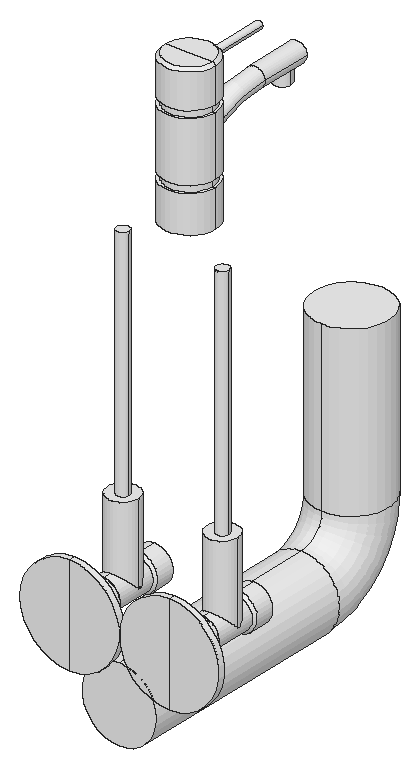
Revit family
Parameters (values of type "Default")
  VVS Number = "623076000"
  URL = "www.maxsibbern.dk"
  Supply Pipe Radius = 5 mm
  Sink Material = Ifö_Porcelain
  Return Pipe Radius = 30 mm
  Reseller = "Max Sibbern A/S"
  Pipes Visible = yes
  Pipe & Fittings = Ifö_Chrome
  Model = "Ifö Sink"
  Manufacturer = "Ifö"
  Ifö Number = "85032"
  Fixture Visible = yes
  Fixture = Ifö_Chrome
  Elevation Top = 870 mm
  Connectors Vertical Placement = 590 mm
  Connector_Out V distance = 50 mm
  Connector_In V distance = 0 mm
  Connector_In H distance = 40 mm
  CE Labeling = "yes"
  Assembly Code = "D2010"
Reference planes
  plane 1 "Wall": y = 0
  plane 2 "Center (Left/Right)": x = 125
  plane 3 "Back": y = 50
  plane 4: z = 590
  plane 5 "Connectors": y = 50
  plane 6 "IN V": z = 590
  plane 7 "Out V": z = 540
  plane 8: x = 85
  plane 9: x = 165
  plane 10: y = 60
  plane 11 "Recomended Floor Placement": z = 0
  plane 12: z = 870
  plane 13: z = 845
  plane 14: z = 725
  plane 15: y = 283.444
  plane 16: z = 850
  plane 17: y = 103.444
  plane 18: z = 850
  plane 19: z = 590
  plane 20: z = 859.156
  plane 21: z = 859.576
Forms (mm)
  Extrusion 1, solid, material "Ifö_Chrome" <- "Pipe & Fittings", visible <- "Pipes Visible"
    sketch origin (560.534, 225, 590) x (1, 0, 0) y (0, 1, 0)
      loop
        circle (-395.534, -121.556) r 12.5
    from 0 to 65
  Extrusion 2, solid, material "Ifö_Chrome" <- "Pipe & Fittings", visible <- "Pipes Visible"
    sketch origin (560.534, 225, 655) x (1, 0, 0) y (0, 1, 0)
      loop
        circle (-395.534, -121.556) r 5
    from 0 to 190
  Extrusion 3, solid, material "Ifö_Chrome" <- "Pipe & Fittings", visible <- "Pipes Visible"
    sketch origin (560.534, 225, 590) x (1, 0, 0) y (0, 1, 0)
      loop
        circle (-475.534, -121.556) r 12.5
    from 0 to 65
  Extrusion 4, solid, material "Ifö_Chrome" <- "Pipe & Fittings", visible <- "Pipes Visible"
    sketch origin (560.534, 225, 655) x (1, 0, 0) y (0, 1, 0)
      loop
        circle (-475.534, -121.556) r 5
    from 0 to 190
  Sweep 5, solid, material "Ifö_Chrome" <- "Pipe & Fittings", visible <- "Pipes Visible"
    path origin (125, 0, 0) x (0, 1, 0) y (0, 0, 1)
      loop
        line (283.444, 725) -> (283.444, 590)
        arc (283.444, 590) -> (268.8, 554.645) -> (233.444, 540) r 50
        line (233.444, 540) -> (50, 540)
    profile origin (125, 141.722, 540) x (0, 0, -1) y (1, 0, 0)
      loop
        circle (0, 0) r 30
  Revolve 6, solid, material "Ifö_Chrome" <- "Pipe & Fittings", visible <- "Pipes Visible"
    sketch origin (85, 225, 546.792) x (0, 0, 1) y (0, 1, 0)
      loop
        line (43.208, -175) -> (43.208, -86.556) -> (37.802, -86.556) -> (28.405, -89.976) -> (28.405, -104.976) -> (30.678, -107.249) -> (30.678, -141.189) -> (28.405, -143.463) -> (28.405, -160.829) -> (3.208, -170) -> (3.208, -175) -> (43.208, -175)
      axis (43.208, -175) -> (43.208, -86.556)
    angle from 0 to 360
  Revolve 7, solid, material "Ifö_Chrome" <- "Pipe & Fittings", visible <- "Pipes Visible"
    sketch origin (165, 225, 546.792) x (0, 0, 1) y (0, 1, 0)
      loop
        line (43.208, -175) -> (43.208, -86.556) -> (37.802, -86.556) -> (28.405, -89.976) -> (28.405, -104.976) -> (30.678, -107.249) -> (30.678, -141.189) -> (28.405, -143.463) -> (28.405, -160.829) -> (3.208, -170) -> (3.208, -175) -> (43.208, -175)
      axis (43.208, -175) -> (43.208, -86.556)
    angle from 0 to 360
Lines and regions (mm)
  Masking region 1, visible <- "Pipes Visible"
    outline origin (-1104.869, 50, 1200) x (-1, 0, 0) y (0, 0, -1)
      loop
        line (-1177.369, 545) -> (-1177.369, 572.003)
        arc (-1177.369, 572.003) -> (-1150.373, 616.33) -> (-1189.869, 650) r 40
        arc (-1189.869, 650) -> (-1229.365, 616.33) -> (-1202.369, 572.003) r 40
        line (-1202.369, 572.003) -> (-1202.369, 545) -> (-1194.869, 545) -> (-1194.869, 473.2) -> (-1184.869, 473.2) -> (-1184.869, 545) -> (-1177.369, 545)
  Masking region 2, visible <- "Pipes Visible"
    outline origin (125, 0, 0) x (0, 1, 0) y (0, 0, 1)
      loop
        line (253.444, 725) -> (253.444, 590)
        arc (253.444, 590) -> (247.586, 575.858) -> (233.444, 570) r 20
        line (233.444, 570) -> (50, 570) -> (50, 510) -> (233.444, 510)
        arc (233.444, 510) -> (290.013, 533.431) -> (313.444, 590) r 80
        line (313.444, 590) -> (313.444, 725) -> (253.444, 725)
  Masking region 3, not visible
    outline origin (1354.869, 75, 1200) x (1, 0, 0) y (0, 0, 1)
      loop
        line (-954.858, -339.156) -> (-1504.879, -339.156)
        arc (-1504.879, -339.156) -> (-1501.415, -394.892) -> (-1492.389, -450) r 557.093
        line (-1492.389, -450) -> (-1371.659, -450)
        arc (-1371.659, -450) -> (-1350.904, -465.983) -> (-1327.861, -478.443) r 163.305
        arc (-1327.861, -478.443) -> (-1304.799, -482.972) -> (-1281.326, -484.156) r 163.88
        line (-1281.326, -484.156) -> (-1178.411, -484.156)
        arc (-1178.411, -484.156) -> (-1154.939, -482.972) -> (-1131.876, -478.443) r 163.88
        arc (-1131.876, -478.443) -> (-1108.833, -465.983) -> (-1088.078, -450) r 163.305
        line (-1088.078, -450) -> (-967.349, -450)
        arc (-967.349, -450) -> (-958.322, -394.892) -> (-954.858, -339.156) r 557.093
  Masking region 4, not visible
    outline origin (125, 0, 0) x (0, 1, 0) y (0, 0, 1)
      loop
        line (100, 860) -> (100, 750.15) -> (204.168, 750.15)
        arc (204.168, 750.15) -> (214.741, 725.558) -> (239.518, 715.424) r 35.355
        line (239.518, 715.424) -> (382.767, 715.424)
        arc (382.767, 715.424) -> (415.166, 725.407) -> (438.342, 750.15) r 66.039
        line (438.342, 750.15) -> (521.354, 750.15)
        arc (521.354, 750.15) -> (528.647, 753.318) -> (532.198, 760.432) r 11.624
        arc (532.198, 760.432) -> (536.47, 802.108) -> (539.763, 843.872) r 1785.073
        arc (539.763, 843.872) -> (538.695, 854.814) -> (529, 860) r 11.655
        line (529, 860) -> (100, 860)
  Masking region 5, visible <- "Pipes Visible"
    outline origin (1354.869, 50, 1200) x (1, 0, 0) y (0, 0, 1)
      loop
        line (-1177.369, -545) -> (-1184.869, -545) -> (-1184.869, -473.2) -> (-1194.869, -473.2) -> (-1194.869, -545) -> (-1202.369, -545) -> (-1202.369, -572.003)
        arc (-1202.369, -572.003) -> (-1229.365, -616.33) -> (-1189.869, -650) r 40
        arc (-1189.869, -650) -> (-1150.373, -616.33) -> (-1177.369, -572.003) r 40
        line (-1177.369, -572.003) -> (-1177.369, -545)
  Masking region 6, visible <- "Pipes Visible"
    outline origin (125, 0, 0) x (0, 1, 0) y (0, 0, 1)
      loop
        line (138.444, 604.803) -> (115.944, 604.803) -> (115.944, 655) -> (108.444, 655) -> (108.444, 759.727) -> (98.444, 759.727) -> (98.444, 655) -> (90.944, 655) -> (90.944, 604.803) -> (50, 604.803) -> (50, 575.197) -> (138.444, 575.197) -> (138.444, 604.803)
  Masking region 7
    outline origin (0, -75, 0) x (1, 0, 0) y (0, 1, 0)
      loop
        arc (385.61, 125) -> (394.829, 128.819) -> (398.648, 138.038) r 13.038
        line (398.648, 138.038) -> (398.648, 485.412)
        arc (398.648, 485.412) -> (395.254, 515.327) -> (385.715, 543.882) r 144.011
        arc (385.715, 543.882) -> (356.745, 557.7) -> (325, 562.444) r 108.576
        line (325, 562.444) -> (-75, 562.444)
        arc (-75, 562.444) -> (-106.745, 557.7) -> (-135.715, 543.882) r 108.576
        arc (-135.715, 543.882) -> (-145.254, 515.327) -> (-148.648, 485.412) r 144.011
        line (-148.648, 485.412) -> (-148.648, 138.038)
        arc (-148.648, 138.038) -> (-144.829, 128.819) -> (-135.61, 125) r 13.038
        line (-135.61, 125) -> (385.61, 125)
  Masking region 8, not visible
    outline origin (0, 0, 0) x (1, 0, 0) y (0, 1, 0)
      loop
        arc (385.61, 125) -> (394.829, 128.819) -> (398.648, 138.038) r 13.038
        line (398.648, 138.038) -> (398.648, 485.412)
        arc (398.648, 485.412) -> (395.254, 515.327) -> (385.715, 543.882) r 144.011
        arc (385.715, 543.882) -> (356.745, 557.7) -> (325, 562.444) r 108.576
        line (325, 562.444) -> (-75, 562.444)
        arc (-75, 562.444) -> (-106.745, 557.7) -> (-135.715, 543.882) r 108.576
        arc (-135.715, 543.882) -> (-145.254, 515.327) -> (-148.648, 485.412) r 144.011
        line (-148.648, 485.412) -> (-148.648, 138.038)
        arc (-148.648, 138.038) -> (-144.829, 128.819) -> (-135.61, 125) r 13.038
        line (-135.61, 125) -> (385.61, 125)
  Masking region 9, visible <- "Pipes Visible"
    outline origin (1354.869, 50, 1200) x (1, 0, 0) y (0, 0, 1)
      loop
        line (-1199.869, -660) -> (-1199.869, -475) -> (-1259.869, -475) -> (-1259.869, -660)
        arc (-1259.869, -660) -> (-1229.869, -690) -> (-1199.869, -660) r 30
  Masking region 10
    outline origin (1354.869, 75, 1209.156) x (1, 0, 0) y (0, 0, 1)
      loop
        line (-954.858, -339.156) -> (-1504.879, -339.156)
        arc (-1504.879, -339.156) -> (-1501.415, -394.892) -> (-1492.389, -450) r 557.093
        line (-1492.389, -450) -> (-1371.659, -450)
        arc (-1371.659, -450) -> (-1350.904, -465.983) -> (-1327.861, -478.443) r 163.305
        arc (-1327.861, -478.443) -> (-1304.799, -482.972) -> (-1281.326, -484.156) r 163.88
        line (-1281.326, -484.156) -> (-1178.411, -484.156)
        arc (-1178.411, -484.156) -> (-1154.939, -482.972) -> (-1131.876, -478.443) r 163.88
        arc (-1131.876, -478.443) -> (-1108.833, -465.983) -> (-1088.078, -450) r 163.305
        line (-1088.078, -450) -> (-967.349, -450)
        arc (-967.349, -450) -> (-958.322, -394.892) -> (-954.858, -339.156) r 557.093
  Masking region 11
    outline origin (125, -50, 9.576) x (0, 1, 0) y (0, 0, 1)
      loop
        line (100, 860) -> (100, 750.15) -> (204.168, 750.15)
        arc (204.168, 750.15) -> (214.741, 725.558) -> (239.518, 715.424) r 35.355
        line (239.518, 715.424) -> (382.767, 715.424)
        arc (382.767, 715.424) -> (415.166, 725.407) -> (438.342, 750.15) r 66.039
        line (438.342, 750.15) -> (521.354, 750.15)
        arc (521.354, 750.15) -> (528.647, 753.318) -> (532.198, 760.432) r 11.624
        arc (532.198, 760.432) -> (536.47, 802.108) -> (539.763, 843.872) r 1785.073
        arc (539.763, 843.872) -> (538.695, 854.814) -> (529, 860) r 11.655
        line (529, 860) -> (100, 860)
  Masking region 12, visible <- "Fixture Visible"
    outline origin (125, 0, 0) x (0, 1, 0) y (0, 0, 1)
      loop
        line (141, 870) -> (141, 910.862)
        arc (141, 910.862) -> (156.244, 919.263) -> (172.91, 924.281) r 82.545
        line (172.91, 924.281) -> (228.455, 924.281) -> (228.455, 940.281) -> (186.727, 940.281)
        arc (186.727, 940.281) -> (163.105, 936.984) -> (141, 928.029) r 97.12
        line (141, 928.029) -> (141, 965.476) -> (190, 965.476) -> (190, 971.476) -> (141, 971.476) -> (141, 979.156) -> (99, 979.156) -> (99, 870) -> (141, 870)
  Masking region 13, visible <- "Fixture Visible"
    outline origin (-1775, 60, 1070) x (-1, 0, 0) y (0, 0, 1)
      loop
        line (-1921, -200) -> (-1879, -200) -> (-1879, -80) -> (-1921, -80) -> (-1921, -200)
  symbolic lines, visible <- "Pipes Visible"
    curve 1: line (177.5, 50, 627.997) -> (177.5, 50, 590)
    curve 2: line (152.5, 50, 627.997) -> (152.5, 50, 590)
    curve 3: arc (152.5, 50, 590) -> (165, 50, 577.5) -> (177.5, 50, 590) r 12.5
    curve 4: line (97.5, 50, 627.997) -> (97.5, 50, 590)
    curve 5: line (72.5, 50, 627.997) -> (72.5, 50, 590)
    curve 6: arc (72.5, 50, 590) -> (85, 50, 577.5) -> (97.5, 50, 590) r 12.5
  symbolic lines
    curve 7: line (-101.903, 165.858, 0) -> (351.903, 165.858, 0)
    curve 8: line (-116.045, 350.548, 0) -> (-116.045, 180, 0)
    curve 9: arc (-116.045, 180, 0) -> (-111.903, 170, 0) -> (-101.903, 165.858, 0) r 14.142
    curve 10: arc (-30, 454.625, 0) -> (-60.707, 452.747, 0) -> (-90.956, 447.141, 0) r 251.964
    curve 11: arc (-90.956, 447.141, 0) -> (-106.096, 433.126, 0) -> (-112.741, 413.594, 0) r 42.019
    curve 12: arc (-112.741, 413.594, 0) -> (-114.827, 382.094, 0) -> (-116.045, 350.548, 0) r 1147.027
    curve 13: line (366.045, 350.548, 0) -> (366.045, 180, 0)
    curve 14: arc (366.045, 180, 0) -> (361.903, 170, 0) -> (351.903, 165.858, 0) r 14.142
    curve 15: arc (280, 454.625, 0) -> (310.707, 452.747, 0) -> (340.956, 447.141, 0) r 251.964
    curve 16: arc (340.956, 447.141, 0) -> (356.096, 433.126, 0) -> (362.741, 413.594, 0) r 42.019
    curve 17: arc (362.741, 413.594, 0) -> (364.827, 382.094, 0) -> (366.045, 350.548, 0) r 1147.027
    curve 18: line (-30, 454.625, 0) -> (280, 454.625, 0)
    curve 32: circle (125, 283.444, 0) r 30 normal (0, 0, 1)
    curve 33: line (125, 388.342, 759.727) -> (125, 154.168, 759.727)
    curve 36: line (266.79, 60, 759.156) -> (-16.79, 60, 759.156)
  symbolic lines, not visible
    curve 19: line (-101.903, 240.858, 0) -> (351.903, 240.858, 0)
    curve 20: line (-116.045, 425.548, 0) -> (-116.045, 255, 0)
    curve 21: arc (-116.045, 255, 0) -> (-111.903, 245, 0) -> (-101.903, 240.858, 0) r 14.142
    curve 22: arc (-30, 529.625, 0) -> (-60.707, 527.747, 0) -> (-90.956, 522.141, 0) r 251.964
    curve 23: arc (-90.956, 522.141, 0) -> (-106.096, 508.126, 0) -> (-112.741, 488.594, 0) r 42.019
    curve 24: arc (-112.741, 488.594, 0) -> (-114.827, 457.094, 0) -> (-116.045, 425.548, 0) r 1147.027
    curve 25: line (366.045, 425.548, 0) -> (366.045, 255, 0)
    curve 26: arc (366.045, 255, 0) -> (361.903, 245, 0) -> (351.903, 240.858, 0) r 14.142
    curve 27: arc (280, 529.625, 0) -> (310.707, 527.747, 0) -> (340.956, 522.141, 0) r 251.964
    curve 28: arc (340.956, 522.141, 0) -> (356.096, 508.126, 0) -> (362.741, 488.594, 0) r 42.019
    curve 29: arc (362.741, 488.594, 0) -> (364.827, 457.094, 0) -> (366.045, 425.548, 0) r 1147.027
    curve 30: line (-30, 529.625, 0) -> (280, 529.625, 0)
    curve 31: line (125, 438.342, 750.15) -> (125, 204.168, 750.15)
    curve 35: line (266.79, 110, 759.156) -> (-16.79, 110, 759.156)
  symbolic lines, visible <- "Fixture Visible"
    curve 34: circle (125, 50, 930) r 15 normal (0, -1, 0)
Text (mm)
  text "Placement Side" at (-1848.837, 1116.779, 0), in view "Ref. Level"
  text "Placement side" at (0, 1409.804, 2854.306), in view "Left"
  text "Placement side" at (0, 499.811, 2980.732), in view "Right"
Dimensions and locks
  locked: plane 3 "Back" to host wall
  locked: plane 3 "Back" to plane 5 "Connectors"
  "Connector_In H distance": connector elem to plane 2 "Center (Left/Right)"
  "Connector_In H distance": plane 2 "Center (Left/Right)" to connector elem
  locked: plane 6 "IN V" to connector elem at 0
  locked: plane 6 "IN V" to connector elem
  locked: plane 7 "Out V" to connector elem
  "Connector_Out V distance": plane 7 "Out V" to plane 19
  "Connector_In H distance": plane 2 "Center (Left/Right)" to plane 8
  "Connector_In H distance": plane 9 to plane 2 "Center (Left/Right)"
  "Elevation Top": plane 12 to level
  locked: plane 12 to plane 13 at 25
  level to plane 12 = 870 mm
  locked: plane 14 to Masking region 1 sketch curve at 1.8
  locked: plane 17 to host wall at 53.444
  locked: nested 1 to host wall at 70
  locked: plane 15 to plane 17 at 180
  locked: plane 13 to plane 14 at 120
  "Connector_In V distance": plane 4 to plane 19
  locked: plane 4 to plane 6 "IN V" at 0
  "Connectors Vertical Placement": level to plane 19
  locked: plane 3 "Back" to plane 10 at 10
  "Return Pipe Radius": radius of Sweep 5 sketch curve
  "Supply Pipe Radius": radius of Extrusion 4 sketch curve
  "Supply Pipe Radius": radius of Extrusion 2 sketch curve
  aligned and locked: plane 1 "Wall" to host wall
  aligned and locked: plane 13 to Extrusion 2
  aligned and locked: Extrusion 4 to Extrusion 2
  aligned and locked: plane 7 "Out V" to Sweep 5 sketch curve
  aligned and locked: plane 5 "Connectors" to Sweep 5 sketch curve
  aligned and locked: plane 14 to Sweep 5 sketch curve
  aligned and locked: Sweep 5 to Masking region 2 sketch curve
  aligned and locked: curve 4 to Masking region 1  (x2)
  aligned and locked: curve 5 to Masking region 1
  aligned and locked: Masking region 1 to curve 5
  aligned and locked: plane 9 to Extrusion 2 sketch curve
  aligned and locked: plane 8 to Extrusion 4 sketch curve
  aligned and locked: plane 17 to Extrusion 3 sketch curve
  aligned and locked: plane 17 to Extrusion 4 sketch curve
  aligned and locked: plane 17 to Extrusion 1 sketch curve
  aligned and locked: plane 17 to Extrusion 2 sketch curve
  aligned and locked: host wall to Revolve 6
  aligned and locked: Masking region 1 sketch curve to Revolve 6
  aligned and locked: Masking region 5 sketch curve to Revolve 7
  aligned and locked: Masking region 6 sketch curve to Revolve 6
  aligned and locked: Masking region 6 sketch curve to Extrusion 3
  aligned and locked: host wall to Masking region 6 sketch curve
  aligned and locked: Masking region 7 to host wall
  aligned and locked: Masking region 9 sketch curve to Sweep 5
  aligned and locked: plane 14 to Masking region 9 sketch curve
  aligned and locked: host wall to Masking region 11
  aligned and locked: plane 14 to Masking region 11
  aligned and locked: plane 14 to Masking region 10
  aligned: nested 1 to plane 12
  aligned and locked: Masking region 13 to plane 12
  aligned and locked: host wall to Masking region 2 sketch curve
  aligned and locked: Sweep 5 sketch curve to plane 15
  aligned and locked: plane 20 to nested 1
  aligned and locked: Masking region 12 sketch curve to plane 12
  aligned and locked: Masking region 11 to Masking region 6 sketch curve
  aligned and locked: import instance to plane 2 "Center (Left/Right)"
  aligned and locked: import instance to plane 10
Automatic sketch dimensions
  Masking region 7 sketch curve to Masking region 7 sketch curve = 12.933 mm  (x2)
  Masking region 7 sketch curve to Masking region 7 sketch curve = 13.038 mm
  Masking region 7 sketch curve to Masking region 7 sketch curve = 60.715 mm  (x2)
  Masking region 7 sketch curve to Masking region 7 sketch curve = 70.358 mm  (x2)
  Masking region 7 sketch curve to Masking region 7 sketch curve = 259.284 mm
  Masking region 7 sketch curve to Masking region 7 sketch curve = 60.61 mm
  Masking region 7 sketch curve to Masking region 7 sketch curve = 315.831 mm  (x2)
  Masking region 7 sketch curve to Masking region 7 sketch curve = 30.356 mm  (x2)
  Masking region 7 sketch curve to Masking region 7 sketch curve = 31.544 mm
  curve 12 to curve 12 = 3.304 mm
  curve 11 to curve 12 = 0 mm
  curve 9 to curve 7 = 14.142 mm
  curve 11 to curve 11 = 21.786 mm
  curve 10 to curve 11 = 20.099 mm
  curve 11 to curve 18 = 40.856 mm
  curve 10 to curve 18 = 310 mm
  curve 18 to curve 16 = 40.856 mm
  curve 15 to curve 7 = 71.903 mm
  curve 16 to curve 16 = 20.099 mm
  curve 15 to curve 16 = 21.786 mm
  curve 17 to curve 16 = 0 mm
  curve 14 to curve 14 = 14.142 mm
  curve 13 to curve 12 = 664.583 mm
  curve 9 to curve 10 = 22.662 mm
  curve 7 to curve 15 = 36.804 mm
  curve 13 to curve 12 = 142.063 mm
  curve 8 to curve 17 = 142.063 mm
  curve 8 to curve 12 = 170.548 mm
  curve 14 to curve 13 = 170.548 mm
  Masking region 8 sketch curve to Masking region 8 sketch curve = 12.933 mm  (x2)
  Masking region 8 sketch curve to Masking region 8 sketch curve = 13.038 mm
  Masking region 8 sketch curve to Masking region 8 sketch curve = 60.715 mm  (x2)
  Masking region 8 sketch curve to Masking region 8 sketch curve = 70.358 mm  (x2)
  Masking region 8 sketch curve to Masking region 8 sketch curve = 259.284 mm
  Masking region 8 sketch curve to Masking region 8 sketch curve = 60.61 mm
  Masking region 8 sketch curve to Masking region 8 sketch curve = 315.831 mm  (x2)
  Masking region 8 sketch curve to Masking region 8 sketch curve = 30.356 mm  (x2)
  Masking region 8 sketch curve to Masking region 8 sketch curve = 31.544 mm
  curve 24 to curve 24 = 3.304 mm
  curve 23 to curve 24 = 0 mm
  curve 21 to curve 19 = 14.142 mm
  curve 23 to curve 23 = 21.786 mm
  curve 22 to curve 23 = 20.099 mm
  curve 23 to curve 30 = 40.856 mm
  curve 22 to curve 30 = 310 mm
  curve 30 to curve 28 = 40.856 mm
  curve 27 to curve 19 = 71.903 mm
  curve 28 to curve 28 = 20.099 mm
  curve 27 to curve 28 = 21.786 mm
  curve 29 to curve 28 = 0 mm
  curve 26 to curve 26 = 14.142 mm
  curve 25 to curve 24 = 664.583 mm
  curve 21 to curve 22 = 22.662 mm
  curve 19 to curve 27 = 36.804 mm
  curve 25 to curve 24 = 142.063 mm
  curve 20 to curve 29 = 142.063 mm
  curve 20 to curve 24 = 170.548 mm
  curve 26 to curve 25 = 170.548 mm
  plane 16 to Masking region 3 sketch curve = 17.492 mm
  Masking region 3 sketch curve to Masking region 3 sketch curve = 7.032 mm  (x2)
  Masking region 3 sketch curve to plane 16 = 100 mm
  Masking region 3 sketch curve to Masking region 3 sketch curve = 12.491 mm  (x2)
  Masking region 3 sketch curve to Masking region 3 sketch curve = 120.73 mm
  plane 16 to Masking region 3 sketch curve = 29.686 mm
  Masking region 3 sketch curve to Masking region 3 sketch curve = 22.865 mm  (x2)
  plane 16 to Masking region 3 sketch curve = 20.976 mm
  Masking region 3 sketch curve to Masking region 3 sketch curve = 64.186 mm
  Masking region 3 sketch curve to Masking region 3 sketch curve = 46.535 mm  (x2)
  Masking region 3 sketch curve to Masking region 3 sketch curve = 43.798 mm  (x2)
  plane 16 to Masking region 3 sketch curve = 10.844 mm
  Masking region 3 sketch curve to Masking region 3 sketch curve = 5.714 mm
  Masking region 3 sketch curve to Masking region 3 sketch curve = 86.832 mm
  Masking region 3 sketch curve to Masking region 3 sketch curve = 102.915 mm
  Masking region 3 sketch curve to Masking region 3 sketch curve = 28.443 mm
  Extrusion 1 sketch curve to plane 9 = 0 mm
  Extrusion 3 sketch curve to plane 8 = 0 mm
  Sweep 5 sketch curve to plane 2 "Center (Left/Right)" = 0 mm
  Sweep 5 sketch curve to profile plane = 0 mm
  Masking region 1 sketch curve to Masking region 1 sketch curve = 0 mm  (x2)
  Masking region 1 sketch curve to plane 8 = 5 mm
  Masking region 1 sketch curve to Masking region 1 sketch curve = 7.5 mm
  plane 8 to Masking region 1 sketch curve = 5 mm
  plane 8 to Masking region 1 sketch curve = 12.5 mm
  Masking region 1 sketch curve to Masking region 1 sketch curve = 27.003 mm
  Revolve 6 sketch curve to host wall = 0 mm  (x2)
  Revolve 6 sketch curve to plane 4 = 0 mm  (x2)
  Revolve 6 sketch curve to Revolve 6 sketch curve = 5.406 mm
  Revolve 6 sketch curve to plane 4 = 12.53 mm
  Revolve 6 sketch curve to Revolve 6 sketch curve = 2.273 mm  (x3)
  Revolve 6 sketch curve to Revolve 6 sketch curve = 9.397 mm
  host wall to Revolve 6 sketch curve = 5 mm
  Revolve 6 sketch curve to Revolve 6 sketch curve = 25.197 mm
  plane 10 to Revolve 6 sketch curve = 4.171 mm
  Revolve 6 sketch curve to Revolve 6 sketch curve = 17.366 mm
  plane 17 to Revolve 6 sketch curve = 14.306 mm
  Revolve 6 sketch curve to Revolve 6 sketch curve = 15 mm
  Revolve 6 sketch curve to Revolve 6 sketch curve = 3.42 mm
  Revolve 6 sketch curve to Revolve 6 sketch curve = 0 mm
  Masking region 5 sketch curve to Masking region 5 sketch curve = 0 mm  (x2)
  plane 14 to Masking region 5 sketch curve = 1.8 mm
  plane 9 to Masking region 5 sketch curve = 5 mm
  Masking region 5 sketch curve to Masking region 5 sketch curve = 7.5 mm
  Masking region 5 sketch curve to plane 9 = 5 mm
  Masking region 5 sketch curve to plane 9 = 12.5 mm
  Masking region 5 sketch curve to Masking region 5 sketch curve = 27.003 mm
  Revolve 7 sketch curve to host wall = 0 mm  (x2)
  Revolve 7 sketch curve to plane 4 = 0 mm  (x2)
  Revolve 7 sketch curve to Revolve 7 sketch curve = 5.406 mm
  Revolve 7 sketch curve to plane 4 = 12.53 mm
  Revolve 7 sketch curve to Revolve 7 sketch curve = 2.273 mm  (x3)
  Revolve 7 sketch curve to Revolve 7 sketch curve = 9.397 mm
  host wall to Revolve 7 sketch curve = 5 mm
  Revolve 7 sketch curve to Revolve 7 sketch curve = 25.197 mm
  plane 10 to Revolve 7 sketch curve = 4.171 mm
  Revolve 7 sketch curve to Revolve 7 sketch curve = 17.366 mm
  plane 17 to Revolve 7 sketch curve = 14.306 mm
  Revolve 7 sketch curve to Revolve 7 sketch curve = 15 mm
  Revolve 7 sketch curve to Revolve 7 sketch curve = 3.42 mm
  Revolve 7 sketch curve to Revolve 7 sketch curve = 0 mm
  Masking region 6 sketch curve to plane 17 = 12.5 mm
  Masking region 6 sketch curve to plane 17 = 5 mm
  plane 17 to Masking region 6 sketch curve = 5 mm
  plane 17 to Masking region 6 sketch curve = 12.5 mm
  Masking region 6 sketch curve to Masking region 6 sketch curve = 0 mm
  plane 4 to Masking region 6 sketch curve = 14.803 mm  (x2)
  Masking region 6 sketch curve to plane 4 = 14.803 mm
  Masking region 4 sketch curve to plane 18 = 113.276 mm
  Masking region 4 sketch curve to plane 18 = 10 mm
  Masking region 4 sketch curve to Masking region 4 sketch curve = 104.168 mm
  plane 18 to Masking region 4 sketch curve = 68.588 mm
  Masking region 4 sketch curve to Masking region 4 sketch curve = 140.652 mm
  Masking region 4 sketch curve to Masking region 4 sketch curve = 2.597 mm
  Masking region 4 sketch curve to Masking region 4 sketch curve = 82.308 mm
  Masking region 4 sketch curve to Masking region 4 sketch curve = 0.705 mm
  Masking region 4 sketch curve to Masking region 4 sketch curve = 8.351 mm
  Masking region 4 sketch curve to Masking region 4 sketch curve = 11.549 mm
  Masking region 4 sketch curve to Masking region 4 sketch curve = 0 mm
  plane 18 to Masking region 4 sketch curve = 6.128 mm
  Masking region 4 sketch curve to Masking region 4 sketch curve = 10.763 mm
  plane 18 to Masking region 4 sketch curve = 99.85 mm
  Masking region 4 sketch curve to Masking region 4 sketch curve = 55.574 mm
  Masking region 4 sketch curve to Masking region 4 sketch curve = 1341.313 mm
  Masking region 4 sketch curve to Masking region 4 sketch curve = 35.35 mm
  plane 18 to curve 31 = 99.85 mm
  curve 31 to curve 31 = 234.173 mm
  curve 2 to plane 4 = 0 mm
  curve 3 to plane 9 = 0 mm
  curve 6 to plane 4 = 0 mm
  plane 9 to curve 2 = 12.5 mm
  curve 3 to curve 2 = 37.997 mm
  curve 1 to curve 2 = 0 mm
  curve 32 to plane 2 "Center (Left/Right)" = 0 mm
  plane 15 to curve 32 = 0 mm
  plane 20 to Masking region 10 sketch curve = 17.492 mm
  Masking region 10 sketch curve to Masking region 10 sketch curve = 7.032 mm  (x2)
  Masking region 10 sketch curve to plane 20 = 100 mm
  Masking region 10 sketch curve to Masking region 10 sketch curve = 12.491 mm  (x2)
  Masking region 10 sketch curve to Masking region 10 sketch curve = 120.73 mm
  plane 20 to Masking region 10 sketch curve = 29.686 mm
  Masking region 10 sketch curve to Masking region 10 sketch curve = 22.865 mm  (x2)
  plane 20 to Masking region 10 sketch curve = 20.976 mm
  Masking region 10 sketch curve to Masking region 10 sketch curve = 64.186 mm
  Masking region 10 sketch curve to Masking region 10 sketch curve = 46.535 mm  (x2)
  Masking region 10 sketch curve to Masking region 10 sketch curve = 43.798 mm  (x2)
  plane 20 to Masking region 10 sketch curve = 10.844 mm
  Masking region 10 sketch curve to Masking region 10 sketch curve = 5.714 mm
  Masking region 10 sketch curve to Masking region 10 sketch curve = 86.832 mm
  Masking region 10 sketch curve to Masking region 10 sketch curve = 102.915 mm
  Masking region 10 sketch curve to Masking region 10 sketch curve = 28.443 mm
  Masking region 11 sketch curve to plane 21 = 113.276 mm
  Masking region 11 sketch curve to plane 21 = 10 mm
  Masking region 11 sketch curve to Masking region 11 sketch curve = 104.168 mm
  plane 21 to Masking region 11 sketch curve = 68.588 mm
  Masking region 11 sketch curve to Masking region 11 sketch curve = 140.652 mm
  Masking region 11 sketch curve to Masking region 11 sketch curve = 2.597 mm
  Masking region 11 sketch curve to Masking region 11 sketch curve = 82.308 mm
  Masking region 11 sketch curve to Masking region 11 sketch curve = 0.705 mm
  Masking region 11 sketch curve to Masking region 11 sketch curve = 8.351 mm
  Masking region 11 sketch curve to Masking region 11 sketch curve = 11.549 mm
  Masking region 11 sketch curve to Masking region 11 sketch curve = 0 mm
  plane 21 to Masking region 11 sketch curve = 6.128 mm
  Masking region 11 sketch curve to Masking region 11 sketch curve = 10.763 mm
  plane 21 to Masking region 11 sketch curve = 99.85 mm
  Masking region 11 sketch curve to Masking region 11 sketch curve = 55.574 mm
  Masking region 11 sketch curve to Masking region 11 sketch curve = 1341.313 mm
  Masking region 11 sketch curve to Masking region 11 sketch curve = 35.35 mm
  plane 21 to curve 33 = 99.85 mm
  curve 33 to curve 33 = 234.173 mm
  Masking region 12 sketch curve to plane 17 = 4.444 mm
  plane 17 to Masking region 12 sketch curve = 37.556 mm
  Masking region 12 sketch curve to Masking region 12 sketch curve = 0 mm  (x4)
  Masking region 12 sketch curve to Masking region 12 sketch curve = 45.727 mm
  plane 21 to Masking region 12 sketch curve = 16.403 mm
  Masking region 12 sketch curve to Masking region 12 sketch curve = 3.273 mm
  Masking region 12 sketch curve to Masking region 12 sketch curve = 41.728 mm
  Masking region 12 sketch curve to Masking region 12 sketch curve = 3.748 mm
  Masking region 12 sketch curve to Masking region 12 sketch curve = 16 mm
  Masking region 12 sketch curve to Masking region 12 sketch curve = 37.447 mm
  Masking region 12 sketch curve to Masking region 12 sketch curve = 6 mm
  Masking region 12 sketch curve to Masking region 12 sketch curve = 38.875 mm
  Masking region 12 sketch curve to Masking region 12 sketch curve = 13.817 mm
  Masking region 12 sketch curve to Masking region 12 sketch curve = 17.167 mm
  curve 34 to plane 2 "Center (Left/Right)" = 0 mm
  plane 12 to curve 34 = 60 mm
  Masking region 13 sketch curve to Masking region 13 sketch curve = 120 mm
  Masking region 13 sketch curve to Masking region 13 sketch curve = 42 mm
  Masking region 13 sketch curve to plane 12 = 0 mm
  plane 2 "Center (Left/Right)" to Masking region 13 sketch curve = 21 mm
  plane 7 "Out V" to Masking region 2 sketch curve = 30 mm
  plane 15 to Masking region 2 sketch curve = 50 mm
  plane 15 to Masking region 2 sketch curve = 30 mm
  Masking region 2 sketch curve to plane 15 = 30 mm
  Masking region 2 sketch curve to Masking region 2 sketch curve = 0 mm  (x2)
  plane 14 to curve 36 = 34.156 mm
  curve 36 to plane 9 = 101.79 mm
  plane 8 to curve 36 = 101.79 mm
  plane 15 to Sweep 5 sketch curve = 50 mm
  radius of Extrusion 1 sketch curve = 12.5 mm
  radius of Extrusion 3 sketch curve = 12.5 mm
  radius of curve 32 = 30 mm
  radius of curve 34 = 15 mm
Nested families
  nested 1: "Fixture" at (125, 120, 859.156) x (-1, 0, 0) z (0, 0, 1), visible <- "Fixture Visible", type "Fixture"
Connectors
  piping at (165, 50, 590), driven by "Supply Pipe Radius"
    settings: on plane 5 "Connectors", index 2, connector radius 5 mm, flow factor 0, pipe flow 0.0 L/s, pressure drop 0.0 Pa, fitting loss kfactor 0, connector angle 0.00°, fixture units 0, flow configuration 0, flow direction 1, fitting loss method 0, system type 19, connector reference index -1, connector utility 0, adjustable connector no, is connector primary no, fitting loss table "", connector description ""
  piping at (85, 50, 590), driven by "Supply Pipe Radius"
    settings: on plane 5 "Connectors", index 3, connector radius 5 mm, flow factor 0, pipe flow 0.0 L/s, pressure drop 0.0 Pa, fitting loss kfactor 0, connector angle 0.00°, fixture units 0, flow configuration 0, flow direction 1, fitting loss method 0, system type 20, connector reference index -1, connector utility 0, adjustable connector no, is connector primary yes, fitting loss table "", connector description ""
  piping at (125, 50, 540), driven by "Return Pipe Radius"
    settings: on plane 5 "Connectors", index 4, connector radius 30 mm, flow factor 0, pipe flow 0.0 L/s, pressure drop 0.0 Pa, fitting loss kfactor 0, connector angle 0.00°, fixture units 0, flow configuration 0, flow direction 0, fitting loss method 0, system type 16, connector reference index -1, connector utility 0, adjustable connector no, is connector primary no, fitting loss table "", connector description ""
Definition of nested family "Fixture"
  Parameters (values of type "Fixture")
    Fixture = Ifö_Chrome
    Assembly Code = ""
  Reference planes
    plane 1 "Center (Front/Back)": y = 0
    plane 2: z = 0
    plane 3 "Center (Left/Right)": x = 0
    plane 4: z = 10
    plane 5: z = 83.125
  Forms (mm)
    Revolve 1, solid, material "Ifö_Chrome" <- "Fixture"
      sketch origin (0, 0, 0) x (1, 0, 0) y (0, 0, 1)
        loop
          line (0, 0) -> (0, 120) -> (-18.6, 120) -> (-21, 117.6) -> (-21, 90) -> (-18.6, 90) -> (-18.6, 84) -> (-21, 84) -> (-21, 36) -> (-18.6, 36) -> (-18.6, 30) -> (-21, 30) -> (-21, 0) -> (0, 0)
        axis (0, 0) -> (0, 120)
      angle from 0 to 360
    Sweep 2, solid, material "Ifö_Chrome" <- "Fixture"
      path origin (0, 0, 0.625) x (0, 1, 0) y (0, 0, 1)
        loop
          line (0, 47.922) -> (-9.581, 54.63)
          arc (-9.581, 54.63) -> (-36.543, 67.927) -> (-66.256, 72.5) r 98.81
          line (-66.256, 72.5) -> (-108.455, 72.5)
      profile origin (0, -87.355, 73.125) x (0, 0, -1) y (1, 0, 0)
        loop
          circle (0, 0) r 8
    Extrusion 3, solid, material "Ifö_Chrome" <- "Fixture"
      sketch origin (0, 0, 17.5) x (1, 0, 0) y (0, 0, 1)
        loop
          circle (0, 91.82) r 3
      from 0 to 70
    Extrusion 4, solid, material "Ifö_Chrome" <- "Fixture"
      sketch origin (0, -104.375, 73.125) x (-1, 0, 0) y (0, 1, 0)
        loop
          circle (0, 10.772) r 7
      from 0 to 15
  Dimensions and locks
    aligned and locked: level to plane 2
